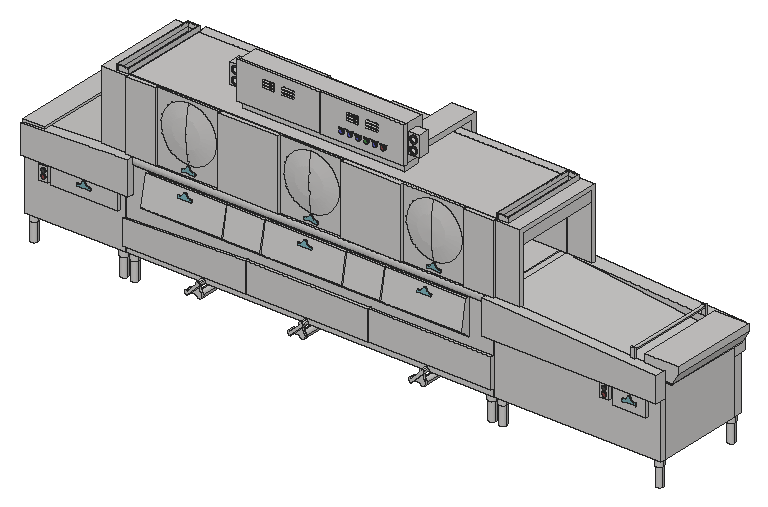
Revit family (continued)
Dimensions and locks (in)
  locked: plane 122 to plane 23 at 0.0625
  locked: plane 23 to plane 123 at 0.0625
  locked: plane 126 to plane 23 at 1.4375
  locked: plane 23 to plane 125 at 1.4375
  locked: plane 124 to plane 120 at 0.25
  locked: plane 35 to plane 127 at 0.25
  locked: plane 37 to plane 128 at 14
  locked: plane 128 to plane 129 at 29
  locked: plane 130 to plane 128 at 0.25
  locked: plane 131 to plane 104 "Building Hot Water" at 6
  locked: plane 118 to plane 131 at 6
  aligned and locked: level to plane 2
  aligned and locked: plane 12 "Bottom of Machine" to Extrusion 1 sketch curve
  aligned and locked: plane 3 "LEFT" to Extrusion 1 sketch curve
  aligned and locked: plane 14 "Left of Bottom" to Extrusion 1 sketch curve
  aligned and locked: Extrusion 1 sketch curve to plane 15 "Right of Bottom"
  aligned and locked: Extrusion 1 sketch curve to plane 4 "RIGHT"
  aligned and locked: Extrusion 1 to plane 21 "Back of Main Body"
  aligned and locked: Extrusion 1 sketch curve to plane 16
  aligned and locked: Extrusion 2 sketch curve to plane 13 "Middle of Machine"
  aligned and locked: plane 16 to Extrusion 2 sketch curve
  aligned and locked: plane 21 "Back of Main Body" to Extrusion 2 sketch curve
  aligned and locked: Extrusion 2 to plane 14 "Left of Bottom"
  aligned and locked: plane 3 "LEFT" to Extrusion 3 sketch curve
  aligned and locked: Extrusion 3 sketch curve to plane 22 "Front of Main Body"
  aligned and locked: plane 30 "Front of Inside" to Extrusion 3 sketch curve
  aligned and locked: Extrusion 3 to plane 13 "Middle of Machine"
  aligned and locked: plane 30 "Front of Inside" to Extrusion 4 sketch curve
  aligned and locked: Extrusion 4 sketch curve to plane 26
  aligned and locked: Extrusion 4 sketch curve to plane 22 "Front of Main Body"
  aligned and locked: Extrusion 4 to plane 13 "Middle of Machine"
  aligned and locked: plane 30 "Front of Inside" to Extrusion 5 sketch curve
  aligned and locked: Extrusion 5 sketch curve to plane 22 "Front of Main Body"
  aligned and locked: Extrusion 5 sketch curve to plane 28
  aligned and locked: plane 27 to Extrusion 5 sketch curve
  aligned and locked: Extrusion 6 sketch curve to plane 4 "RIGHT"
  aligned and locked: plane 29 to Extrusion 6 sketch curve
  aligned and locked: plane 30 "Front of Inside" to Extrusion 6 sketch curve
  aligned and locked: Extrusion 6 sketch curve to plane 22 "Front of Main Body"
  aligned and locked: Extrusion 5 to plane 13 "Middle of Machine"
  aligned and locked: Extrusion 6 to plane 13 "Middle of Machine"
  aligned and locked: plane 3 "LEFT" to Extrusion 7 sketch curve
  aligned and locked: Extrusion 7 sketch curve to plane 32
  aligned and locked: plane 21 "Back of Main Body" to Extrusion 7 sketch curve
  aligned and locked: Extrusion 7 sketch curve to plane 31 "Back of Inside"
  aligned and locked: Extrusion 8 sketch curve to plane 4 "RIGHT"
  aligned and locked: plane 21 "Back of Main Body" to Extrusion 8 sketch curve
  aligned and locked: Extrusion 8 sketch curve to plane 31 "Back of Inside"
  aligned and locked: plane 33 to Extrusion 8 sketch curve
  aligned and locked: Extrusion 7 to plane 13 "Middle of Machine"
  aligned and locked: Extrusion 8 to plane 13 "Middle of Machine"
  aligned and locked: plane 30 "Front of Inside" to Extrusion 9 sketch curve
  aligned and locked: plane 26 to Extrusion 9 sketch curve
  aligned and locked: Extrusion 9 sketch curve to plane 27
  aligned and locked: plane 30 "Front of Inside" to Extrusion 10 sketch curve
  aligned and locked: plane 28 to Extrusion 10 sketch curve
  aligned and locked: Extrusion 10 sketch curve to plane 29
  aligned and locked: Extrusion 9 to plane 13 "Middle of Machine"
  aligned and locked: Extrusion 10 to plane 13 "Middle of Machine"
  aligned and locked: plane 32 to Extrusion 11 sketch curve
  aligned and locked: Extrusion 11 sketch curve to plane 33
  aligned and locked: Extrusion 11 sketch curve to plane 31 "Back of Inside"
  aligned and locked: Extrusion 11 to plane 13 "Middle of Machine"
  aligned and locked: Extrusion 16 to plane 38
  aligned and locked: plane 39 to Extrusion 16
  aligned and locked: Extrusion 17 to plane 36
  aligned and locked: plane 37 to Extrusion 17
  aligned and locked: Extrusion 18 to plane 40
  aligned and locked: plane 3 "LEFT" to Extrusion 20 sketch curve
  aligned and locked: plane 20 to Extrusion 20 sketch curve
  aligned and locked: Extrusion 20 sketch curve to plane 41
  aligned and locked: Extrusion 21 sketch curve to plane 43
  aligned and locked: Extrusion 21 sketch curve to plane 19
  aligned and locked: plane 42 to Extrusion 21 sketch curve
  aligned and locked: plane 20 to Extrusion 21 sketch curve
  aligned and locked: Extrusion 22 sketch curve to plane 4 "RIGHT"
  aligned and locked: Extrusion 22 sketch curve to plane 19
  aligned and locked: plane 20 to Extrusion 22 sketch curve
  aligned and locked: plane 44 to Extrusion 22 sketch curve
  aligned and locked: plane 31 "Back of Inside" to Extrusion 23 sketch curve
  aligned and locked: plane 3 "LEFT" to Extrusion 23 sketch curve
  aligned and locked: Extrusion 23 sketch curve to plane 30 "Front of Inside"
  aligned and locked: Extrusion 23 sketch curve to plane 4 "RIGHT"
  aligned and locked: Extrusion 23 to plane 45
  aligned and locked: plane 13 "Middle of Machine" to Extrusion 24 sketch curve  (x2)
  aligned and locked: Extrusion 24 sketch curve to plane 10 "Top of Machine"
  aligned and locked: Extrusion 24 to plane 8 "Load Vent"
  aligned and locked: plane 48 to Extrusion 25 sketch curve
  aligned and locked: Extrusion 25 sketch curve to plane 47
  aligned and locked: plane 46 to Extrusion 25
  aligned and locked: Extrusion 26 sketch curve to Extrusion 24
  aligned and locked: Extrusion 26 sketch curve to plane 45
  aligned and locked: Extrusion 27 sketch curve to Extrusion 25
  aligned and locked: Extrusion 25 to Extrusion 27 sketch curve
  aligned and locked: Extrusion 28 to Extrusion 30 sketch curve
  aligned and locked: plane 9 "Unload Vent" to Extrusion 28
  aligned and locked: plane 49 to Extrusion 29 sketch curve
  aligned and locked: Extrusion 29 sketch curve to plane 50
  aligned and locked: plane 46 to Extrusion 29
  aligned and locked: plane 45 to Extrusion 30 sketch curve
  aligned and locked: Extrusion 29 to Extrusion 31 sketch curve
  aligned and locked: Extrusion 31 sketch curve to Extrusion 29
  aligned and locked: plane 15 "Right of Bottom" to Extrusion 2
  aligned and locked: plane 51 to Extrusion 40 sketch curve
  aligned and locked: Extrusion 40 sketch curve to plane 14 "Left of Bottom"
  aligned and locked: plane 51 to Extrusion 41 sketch curve
  aligned and locked: Extrusion 41 sketch curve to plane 14 "Left of Bottom"
  aligned and locked: Extrusion 42 sketch curve to plane 52
  aligned and locked: plane 11 "Table Height" to Extrusion 42 sketch curve
  aligned and locked: plane 51 to Extrusion 42 sketch curve
  aligned and locked: plane 30 "Front of Inside" to Extrusion 42
  aligned and locked: Extrusion 43 sketch curve to plane 53
  aligned and locked: plane 51 to Extrusion 43 sketch curve
  aligned and locked: Extrusion 44 sketch curve to plane 53
  aligned and locked: plane 51 to Extrusion 44 sketch curve
  aligned and locked: plane 51 to Extrusion 45 sketch curve
  aligned and locked: Extrusion 45 sketch curve to plane 14 "Left of Bottom"
  aligned and locked: Extrusion 45 sketch curve to plane 13 "Middle of Machine"
  aligned and locked: Extrusion 45 sketch curve to plane 12 "Bottom of Machine"
  aligned and locked: plane 3 "LEFT" to Extrusion 45 sketch curve
  aligned and locked: plane 51 to Extrusion 46 sketch curve
  aligned and locked: plane 54 to Extrusion 46 sketch curve
  aligned and locked: plane 51 to Extrusion 47 sketch curve
  aligned and locked: plane 12 "Bottom of Machine" to Extrusion 47 sketch curve
  aligned and locked: Extrusion 47 sketch curve to plane 3 "LEFT"
  aligned and locked: plane 22 "Front of Main Body" to Extrusion 47
  aligned and locked: plane 30 "Front of Inside" to Extrusion 45
  aligned and locked: plane 51 to Extrusion 48 sketch curve
  aligned and locked: plane 12 "Bottom of Machine" to Extrusion 48 sketch curve
  aligned and locked: Extrusion 48 sketch curve to plane 3 "LEFT"
  aligned and locked: Extrusion 48 to plane 21 "Back of Main Body"
  aligned and locked: plane 55 to Extrusion 40 sketch curve
  aligned and locked: plane 55 to Extrusion 41 sketch curve
  aligned and locked: Extrusion 47 sketch curve to plane 55
  aligned and locked: Extrusion 48 sketch curve to plane 55
  aligned and locked: Extrusion 49 to plane 22 "Front of Main Body"
  aligned and locked: plane 61 to Extrusion 51 sketch curve
  aligned and locked: Extrusion 51 sketch curve to plane 60
  aligned and locked: Extrusion 49 to plane 58
  aligned and locked: plane 59 to Extrusion 49
  aligned and locked: plane 13 "Middle of Machine" to Extrusion 58 sketch curve
  aligned and locked: Extrusion 58 sketch curve to plane 15 "Right of Bottom"
  aligned and locked: Extrusion 58 sketch curve to plane 55
  aligned and locked: plane 4 "RIGHT" to Extrusion 58 sketch curve
  aligned and locked: plane 12 "Bottom of Machine" to Extrusion 58 sketch curve
  aligned and locked: plane 62 to Extrusion 58 sketch curve
  aligned and locked: plane 62 to Extrusion 57 sketch curve
  aligned and locked: Extrusion 57 sketch curve to plane 63
  aligned and locked: Extrusion 56 sketch curve to plane 64
  aligned and locked: plane 62 to Extrusion 56 sketch curve
  aligned and locked: Extrusion 56 sketch curve to plane 11 "Table Height"
  aligned and locked: Extrusion 54 sketch curve to plane 15 "Right of Bottom"
  aligned and locked: Extrusion 54 sketch curve to plane 55
  aligned and locked: plane 62 to Extrusion 54 sketch curve
  aligned and locked: Extrusion 55 sketch curve to plane 15 "Right of Bottom"
  aligned and locked: Extrusion 55 sketch curve to plane 55
  aligned and locked: plane 62 to Extrusion 55 sketch curve
  aligned and locked: Extrusion 59 sketch curve to plane 4 "RIGHT"
  aligned and locked: plane 55 to Extrusion 59 sketch curve
  aligned and locked: Extrusion 59 sketch curve to plane 12 "Bottom of Machine"
  aligned and locked: plane 62 to Extrusion 59 sketch curve
  aligned and locked: Extrusion 60 sketch curve to plane 4 "RIGHT"
  aligned and locked: plane 55 to Extrusion 60 sketch curve
  aligned and locked: plane 62 to Extrusion 60 sketch curve
  aligned and locked: Extrusion 60 sketch curve to plane 12 "Bottom of Machine"
  aligned and locked: plane 13 "Middle of Machine" to Extrusion 61 sketch curve
  aligned and locked: Extrusion 61 sketch curve to plane 66
  aligned and locked: Extrusion 61 sketch curve to plane 65
  aligned and locked: plane 30 "Front of Inside" to Extrusion 61
  aligned and locked: plane 30 "Front of Inside" to Extrusion 64
  aligned and locked: Extrusion 65 sketch curve to plane 56
  aligned and locked: plane 57 to Extrusion 65 sketch curve
  aligned and locked: plane 69 to Extrusion 65 sketch curve
  aligned and locked: Extrusion 65 sketch curve to plane 68
  aligned and locked: plane 71 to Extrusion 67 sketch curve
  aligned and locked: Extrusion 67 sketch curve to plane 70
  aligned and locked: Extrusion 67 sketch curve to plane 56
  aligned and locked: Extrusion 71 to Extrusion 70
  aligned and locked: plane 12 "Bottom of Machine" to Extrusion 71
  aligned and locked: Extrusion 73 to Extrusion 72
  aligned and locked: Extrusion 75 to Extrusion 74
  aligned and locked: Extrusion 77 to Extrusion 76
  aligned and locked: Extrusion 78 to Extrusion 79
  aligned and locked: Extrusion 80 to Extrusion 81
  aligned and locked: Extrusion 83 to Extrusion 82
  aligned and locked: Extrusion 85 to Extrusion 84
  aligned and locked: Extrusion 86 to Extrusion 87
  aligned and locked: Extrusion 88 to Extrusion 89
  aligned and locked: Extrusion 91 to Extrusion 90
  aligned and locked: Extrusion 93 to Extrusion 92
  aligned and locked: plane 73 to Extrusion 94 sketch curve
  aligned and locked: Extrusion 94 sketch curve to plane 72
  aligned and locked: Extrusion 94 sketch curve to plane 75
  aligned and locked: plane 74 to Extrusion 94 sketch curve
  aligned and locked: plane 87 "Back of Elec Box" to Extrusion 95 sketch curve
  aligned and locked: Extrusion 95 sketch curve to plane 88
  aligned and locked: plane 92 to Extrusion 95 sketch curve
  aligned and locked: Extrusion 95 sketch curve to plane 93 "Right of Control Box"
  aligned and locked: Extrusion 95 to plane 76
  aligned and locked: plane 91 to Extrusion 95
  aligned and locked: plane 83 to Extrusion 96 sketch curve
  aligned and locked: Extrusion 96 sketch curve to plane 89 "Front of Panel"
  aligned and locked: Extrusion 96 sketch curve to plane 81
  aligned and locked: plane 82 to Extrusion 97 sketch curve
  aligned and locked: Extrusion 97 sketch curve to plane 89 "Front of Panel"
  aligned and locked: plane 88 to Extrusion 97 sketch curve
  aligned and locked: Extrusion 97 sketch curve to plane 84
  aligned and locked: Extrusion 97 to plane 90
  aligned and locked: Extrusion 96 to plane 90
  aligned and locked: plane 79 to Extrusion 96
  aligned and locked: plane 79 to Extrusion 97
  aligned and locked: plane 95 to Extrusion 98 sketch curve
  aligned and locked: Extrusion 98 sketch curve to plane 92
  aligned and locked: Extrusion 98 sketch curve to plane 94 "Front of LR Panels"
  aligned and locked: plane 86 to Extrusion 98 sketch curve
  aligned and locked: plane 93 "Right of Control Box" to Extrusion 99 sketch curve
  aligned and locked: Extrusion 99 sketch curve to plane 94 "Front of LR Panels"
  aligned and locked: Extrusion 99 sketch curve to plane 85
  aligned and locked: plane 95 to Extrusion 99 sketch curve
  aligned and locked: plane 78 to Extrusion 98
  aligned and locked: plane 78 to Extrusion 99
  aligned and locked: Extrusion 98 to plane 77
  aligned and locked: Extrusion 99 to plane 77
  aligned and locked: Extrusion 101 sketch curve to Extrusion 100  (x2)
  aligned and locked: Extrusion 109 sketch curve to Extrusion 108  (x2)
  aligned and locked: Extrusion 111 sketch curve to Extrusion 110  (x2)
  aligned and locked: Extrusion 113 sketch curve to Extrusion 112  (x2)
  aligned and locked: Extrusion 128 to plane 97 "Left Drain"
  aligned and locked: plane 98 "Right Drain" to Extrusion 128
  aligned and locked: Extrusion 129 sketch curve to Extrusion 128  (x2)
  aligned and locked: Extrusion 130 sketch curve to Extrusion 128  (x2)
  aligned and locked: plane 50 to nested 1
  aligned and locked: plane 31 "Back of Inside" to nested 1
  aligned and locked: Extrusion 144 sketch curve to Extrusion 143  (x2)
  aligned and locked: Extrusion 152 sketch curve to Extrusion 151  (x2)
  aligned and locked: Extrusion 154 sketch curve to Extrusion 153  (x2)
  aligned and locked: Extrusion 156 sketch curve to Extrusion 155  (x2)
  aligned and locked: plane 105 to Extrusion 180 sketch curve
  aligned and locked: Extrusion 180 sketch curve to plane 106
  aligned and locked: Extrusion 180 sketch curve to plane 22 "Front of Main Body"
  aligned and locked: plane 107 to Extrusion 181 sketch curve
  aligned and locked: Extrusion 181 sketch curve to plane 108
  aligned and locked: Extrusion 181 sketch curve to plane 22 "Front of Main Body"
  aligned and locked: plane 111 to Extrusion 182 sketch curve
  aligned and locked: Extrusion 182 sketch curve to plane 112
  aligned and locked: Extrusion 182 sketch curve to plane 22 "Front of Main Body"
  aligned and locked: plane 113 to Extrusion 183 sketch curve
  aligned and locked: Extrusion 183 sketch curve to plane 114
  aligned and locked: Extrusion 183 sketch curve to plane 22 "Front of Main Body"
  aligned and locked: Extrusion 180 to plane 13 "Middle of Machine"
  aligned and locked: Extrusion 181 to plane 13 "Middle of Machine"
  aligned and locked: Extrusion 182 to plane 13 "Middle of Machine"
  aligned and locked: Extrusion 183 to plane 13 "Middle of Machine"
  aligned and locked: curve 81 to plane 26
  aligned and locked: curve 89 to plane 27
  aligned and locked: plane 28 to curve 97
  aligned and locked: plane 29 to curve 99
  aligned and locked: plane 26 to Extrusion 196 sketch curve
  aligned and locked: Extrusion 196 sketch curve to plane 27
  aligned and locked: Extrusion 196 sketch curve to plane 22 "Front of Main Body"
  aligned and locked: Extrusion 197 sketch curve to plane 22 "Front of Main Body"
  aligned and locked: plane 28 to Extrusion 197 sketch curve
  aligned and locked: Extrusion 197 sketch curve to plane 29
  aligned and locked: plane 119 to Extrusion 200 sketch curve
  aligned and locked: Extrusion 200 sketch curve to plane 120
  aligned and locked: plane 121 to Extrusion 203 sketch curve
  aligned and locked: Extrusion 203 sketch curve to plane 122
  aligned and locked: plane 123 to Extrusion 204 sketch curve
  aligned and locked: Extrusion 204 sketch curve to plane 124
  aligned and locked: curve 133 to plane 119
  aligned and locked: curve 141 to plane 120
  aligned and locked: plane 119 to Extrusion 211 sketch curve
  aligned and locked: Extrusion 211 sketch curve to plane 120
  aligned and locked: Extrusion 3 sketch curve to plane 119
  aligned and locked: plane 120 to Extrusion 4 sketch curve
  aligned and locked: plane 35 to Extrusion 15
  aligned and locked: Extrusion 16 to plane 127
  aligned and locked: plane 129 to Extrusion 19
  aligned and locked: Extrusion 19 to plane 128
  aligned and locked: plane 130 to Extrusion 18
  aligned and locked: plane 128 to curve 37
  aligned and locked: curve 38 to plane 130
  aligned and locked: curve 35 to plane 129
Automatic sketch dimensions
  Extrusion 15 sketch curve to Extrusion 15 sketch curve = 0' - 1"
  Extrusion 16 sketch curve to Extrusion 16 sketch curve = 0' - 1"
  Extrusion 17 sketch curve to Extrusion 17 sketch curve = 0' - 1"
  Extrusion 18 sketch curve to Extrusion 18 sketch curve = 0' - 1"
  Extrusion 19 sketch curve to Extrusion 19 sketch curve = 0' - 1"
  Extrusion 15 sketch curve to Extrusion 15 sketch curve = 0' - 2"
  Extrusion 15 sketch curve to Extrusion 15 sketch curve = 0' - 2 5/16"
  Extrusion 15 sketch curve to Extrusion 15 sketch curve = 0' - 10 1/4"
  Extrusion 16 sketch curve to Extrusion 16 sketch curve = 0' - 2"
  Extrusion 16 sketch curve to Extrusion 16 sketch curve = 0' - 2 5/16"
  Extrusion 16 sketch curve to Extrusion 16 sketch curve = 0' - 10 1/4"
  Extrusion 17 sketch curve to Extrusion 17 sketch curve = 0' - 2"
  Extrusion 17 sketch curve to Extrusion 17 sketch curve = 0' - 2 5/16"
  Extrusion 17 sketch curve to Extrusion 17 sketch curve = 0' - 10 1/4"
  Extrusion 18 sketch curve to Extrusion 18 sketch curve = 0' - 2"
  Extrusion 18 sketch curve to Extrusion 18 sketch curve = 0' - 2 5/16"
  Extrusion 18 sketch curve to Extrusion 18 sketch curve = 0' - 10 1/4"
  Extrusion 19 sketch curve to Extrusion 19 sketch curve = 0' - 2"
  Extrusion 19 sketch curve to Extrusion 19 sketch curve = 0' - 2 5/16"
  Extrusion 19 sketch curve to Extrusion 19 sketch curve = 0' - 10 1/4"
  Extrusion 34 sketch curve to Extrusion 34 sketch curve = 0' - 1"
  Extrusion 35 sketch curve to Extrusion 35 sketch curve = 0' - 1"
  Extrusion 36 sketch curve to Extrusion 36 sketch curve = 0' - 1"
  Extrusion 37 sketch curve to Extrusion 37 sketch curve = 0' - 1"
  Extrusion 38 sketch curve to Extrusion 38 sketch curve = 0' - 1"
  Extrusion 34 sketch curve to Extrusion 34 sketch curve = 0' - 2"
  Extrusion 34 sketch curve to Extrusion 34 sketch curve = 0' - 2 5/16"
  Extrusion 34 sketch curve to Extrusion 34 sketch curve = 0' - 10 1/4"
  Extrusion 35 sketch curve to Extrusion 35 sketch curve = 0' - 2"
  Extrusion 35 sketch curve to Extrusion 35 sketch curve = 0' - 2 5/16"
  Extrusion 35 sketch curve to Extrusion 35 sketch curve = 0' - 10 1/4"
  Extrusion 36 sketch curve to Extrusion 36 sketch curve = 0' - 2"
  Extrusion 36 sketch curve to Extrusion 36 sketch curve = 0' - 2 5/16"
  Extrusion 36 sketch curve to Extrusion 36 sketch curve = 0' - 10 1/4"
  Extrusion 37 sketch curve to Extrusion 37 sketch curve = 0' - 2"
  Extrusion 37 sketch curve to Extrusion 37 sketch curve = 0' - 2 5/16"
  Extrusion 37 sketch curve to Extrusion 37 sketch curve = 0' - 10 1/4"
  Extrusion 38 sketch curve to Extrusion 38 sketch curve = 0' - 2"
  Extrusion 38 sketch curve to Extrusion 38 sketch curve = 0' - 2 5/16"
  Extrusion 38 sketch curve to Extrusion 38 sketch curve = 0' - 10 1/4"
  Extrusion 100 sketch curve to Extrusion 100 sketch curve = 0' - 0"  (x4)
  Extrusion 102 sketch curve to Extrusion 102 sketch curve = 0' - 1"  (x5)
  Extrusion 102 sketch curve to Extrusion 102 sketch curve = 0' - 2"  (x6)
  Extrusion 102 sketch curve to Extrusion 102 sketch curve = 0' - 0"  (x5)
  Extrusion 102 sketch curve to Extrusion 102 sketch curve = 0' - 0 1/4"  (x6)
  Extrusion 107 sketch curve to Extrusion 107 sketch curve = 0' - 1 1/2"  (x5)
  Extrusion 107 sketch curve to Extrusion 107 sketch curve = 0' - 0 3/4"  (x6)
  Extrusion 107 sketch curve to Extrusion 107 sketch curve = 0' - 0 7/8"  (x6)
  Extrusion 108 sketch curve to Extrusion 108 sketch curve = 0' - 0"  (x4)
  Extrusion 110 sketch curve to Extrusion 110 sketch curve = 0' - 0"  (x4)
  Extrusion 112 sketch curve to Extrusion 112 sketch curve = 0' - 0"  (x4)
  Extrusion 116 sketch curve to Extrusion 116 sketch curve = 0' - 0 5/8"
  Extrusion 117 sketch curve to Extrusion 117 sketch curve = 0' - 0 5/8"
  Extrusion 118 sketch curve to Extrusion 118 sketch curve = 0' - 0 5/8"
  Extrusion 119 sketch curve to Extrusion 119 sketch curve = 0' - 0 5/8"
  Extrusion 120 sketch curve to Extrusion 120 sketch curve = 0' - 0 5/8"
  Extrusion 121 sketch curve to Extrusion 121 sketch curve = 0' - 0 5/8"
  Extrusion 122 sketch curve to Extrusion 122 sketch curve = 0' - 0 5/8"
  Extrusion 123 sketch curve to Extrusion 123 sketch curve = 0' - 0 5/8"
  Extrusion 124 sketch curve to Extrusion 124 sketch curve = 0' - 0 5/8"
  Extrusion 125 sketch curve to Extrusion 125 sketch curve = 0' - 0 5/8"
  Extrusion 126 sketch curve to Extrusion 126 sketch curve = 0' - 0 5/8"
  Extrusion 127 sketch curve to Extrusion 127 sketch curve = 0' - 0 5/8"
  Extrusion 134 sketch curve to Extrusion 134 sketch curve = 0' - 0"  (x4)
  Extrusion 135 sketch curve to Extrusion 135 sketch curve = 0' - 0"  (x4)
  Extrusion 136 sketch curve to Extrusion 136 sketch curve = 0' - 1 5/8"  (x2)
  Extrusion 136 sketch curve to Extrusion 136 sketch curve = 0' - 1 1/8"
  Extrusion 137 sketch curve to Extrusion 137 sketch curve = 0' - 0 1/2"  (x7)
  Extrusion 137 sketch curve to Extrusion 137 sketch curve = 0' - 0 1/4"  (x4)
  Extrusion 137 sketch curve to Extrusion 137 sketch curve = 0' - 4 1/2"
  Extrusion 138 sketch curve to Extrusion 138 sketch curve = 0' - 1 5/8"  (x2)
  Extrusion 138 sketch curve to Extrusion 138 sketch curve = 0' - 1 1/8"
  Extrusion 139 sketch curve to Extrusion 139 sketch curve = 0' - 0"  (x4)
  Extrusion 140 sketch curve to Extrusion 140 sketch curve = 0' - 0 1/2"  (x7)
  Extrusion 140 sketch curve to Extrusion 140 sketch curve = 0' - 0 1/4"  (x4)
  Extrusion 140 sketch curve to Extrusion 140 sketch curve = 0' - 4 1/2"
  Extrusion 141 sketch curve to Extrusion 141 sketch curve = 0' - 1 5/8"  (x2)
  Extrusion 141 sketch curve to Extrusion 141 sketch curve = 0' - 1 1/8"
  Extrusion 142 sketch curve to Extrusion 142 sketch curve = 0' - 0 1/2"  (x9)
  Extrusion 142 sketch curve to Extrusion 142 sketch curve = 0' - 0 1/4"  (x2)
  Extrusion 142 sketch curve to Extrusion 142 sketch curve = 0' - 4 1/2"
  Extrusion 107 sketch curve to Extrusion 107 sketch curve = 0' - 0"  (x5)
  Extrusion 116 sketch curve to Extrusion 116 sketch curve = 0' - 2 3/4"
  Extrusion 117 sketch curve to Extrusion 117 sketch curve = 0' - 2 3/4"
  Extrusion 118 sketch curve to Extrusion 118 sketch curve = 0' - 2 3/4"
  Extrusion 119 sketch curve to Extrusion 119 sketch curve = 0' - 2 3/4"
  Extrusion 120 sketch curve to Extrusion 120 sketch curve = 0' - 2 3/4"
  Extrusion 121 sketch curve to Extrusion 121 sketch curve = 0' - 2 3/4"
  Extrusion 122 sketch curve to Extrusion 122 sketch curve = 0' - 2 3/4"
  Extrusion 123 sketch curve to Extrusion 123 sketch curve = 0' - 2 3/4"
  Extrusion 124 sketch curve to Extrusion 124 sketch curve = 0' - 2 3/4"
  Extrusion 125 sketch curve to Extrusion 125 sketch curve = 0' - 2 3/4"
  Extrusion 126 sketch curve to Extrusion 126 sketch curve = 0' - 2 3/4"
  Extrusion 127 sketch curve to Extrusion 127 sketch curve = 0' - 2 3/4"
  Extrusion 143 sketch curve to Extrusion 143 sketch curve = 0' - 0"  (x4)
  Extrusion 145 sketch curve to Extrusion 145 sketch curve = 0' - 1"  (x5)
  Extrusion 145 sketch curve to Extrusion 145 sketch curve = 0' - 2"  (x6)
  Extrusion 145 sketch curve to Extrusion 145 sketch curve = 0' - 0"  (x5)
  Extrusion 145 sketch curve to Extrusion 145 sketch curve = 0' - 0 1/4"  (x6)
  Extrusion 150 sketch curve to Extrusion 150 sketch curve = 0' - 1 1/2"  (x5)
  Extrusion 150 sketch curve to Extrusion 150 sketch curve = 0' - 0 3/4"  (x6)
  Extrusion 150 sketch curve to Extrusion 150 sketch curve = 0' - 0 7/8"  (x6)
  Extrusion 151 sketch curve to Extrusion 151 sketch curve = 0' - 0"  (x4)
  Extrusion 153 sketch curve to Extrusion 153 sketch curve = 0' - 0"  (x4)
  Extrusion 155 sketch curve to Extrusion 155 sketch curve = 0' - 0"  (x4)
  Extrusion 159 sketch curve to Extrusion 159 sketch curve = 0' - 0 5/8"
  Extrusion 160 sketch curve to Extrusion 160 sketch curve = 0' - 0 5/8"
  Extrusion 161 sketch curve to Extrusion 161 sketch curve = 0' - 0 5/8"
  Extrusion 162 sketch curve to Extrusion 162 sketch curve = 0' - 0 5/8"
  Extrusion 163 sketch curve to Extrusion 163 sketch curve = 0' - 0 5/8"
  Extrusion 164 sketch curve to Extrusion 164 sketch curve = 0' - 0 5/8"
  Extrusion 165 sketch curve to Extrusion 165 sketch curve = 0' - 0 5/8"
  Extrusion 166 sketch curve to Extrusion 166 sketch curve = 0' - 0 5/8"
  Extrusion 167 sketch curve to Extrusion 167 sketch curve = 0' - 0 5/8"
  Extrusion 168 sketch curve to Extrusion 168 sketch curve = 0' - 0 5/8"
  Extrusion 169 sketch curve to Extrusion 169 sketch curve = 0' - 0 5/8"
  Extrusion 170 sketch curve to Extrusion 170 sketch curve = 0' - 0 5/8"
  Extrusion 150 sketch curve to Extrusion 150 sketch curve = 0' - 0"  (x5)
  Extrusion 159 sketch curve to Extrusion 159 sketch curve = 0' - 2 3/4"
  Extrusion 160 sketch curve to Extrusion 160 sketch curve = 0' - 2 3/4"
  Extrusion 161 sketch curve to Extrusion 161 sketch curve = 0' - 2 3/4"
  Extrusion 162 sketch curve to Extrusion 162 sketch curve = 0' - 2 3/4"
  Extrusion 163 sketch curve to Extrusion 163 sketch curve = 0' - 2 3/4"
  Extrusion 164 sketch curve to Extrusion 164 sketch curve = 0' - 2 3/4"
  Extrusion 165 sketch curve to Extrusion 165 sketch curve = 0' - 2 3/4"
  Extrusion 166 sketch curve to Extrusion 166 sketch curve = 0' - 2 3/4"
  Extrusion 167 sketch curve to Extrusion 167 sketch curve = 0' - 2 3/4"
  Extrusion 168 sketch curve to Extrusion 168 sketch curve = 0' - 2 3/4"
  Extrusion 169 sketch curve to Extrusion 169 sketch curve = 0' - 2 3/4"
  Extrusion 170 sketch curve to Extrusion 170 sketch curve = 0' - 2 3/4"
  Extrusion 136 sketch curve to Extrusion 136 sketch curve = 0' - 0.12054"
  Extrusion 138 sketch curve to Extrusion 138 sketch curve = 0' - 0.12054"
  Extrusion 141 sketch curve to Extrusion 141 sketch curve = 0' - 0.12054"
  Extrusion 171 sketch curve to Extrusion 171 sketch curve = 0' - 0"  (x4)
  Extrusion 172 sketch curve to Extrusion 172 sketch curve = 0' - 0"  (x4)
  Extrusion 173 sketch curve to Extrusion 173 sketch curve = 0' - 1 5/8"  (x2)
  Extrusion 173 sketch curve to Extrusion 173 sketch curve = 0' - 1 1/8"
  Extrusion 174 sketch curve to Extrusion 174 sketch curve = 0' - 0 1/2"  (x7)
  Extrusion 174 sketch curve to Extrusion 174 sketch curve = 0' - 0 1/4"  (x4)
  Extrusion 174 sketch curve to Extrusion 174 sketch curve = 0' - 4 1/2"
  Extrusion 175 sketch curve to Extrusion 175 sketch curve = 0' - 1 5/8"  (x2)
  Extrusion 175 sketch curve to Extrusion 175 sketch curve = 0' - 1 1/8"
  Extrusion 176 sketch curve to Extrusion 176 sketch curve = 0' - 0"  (x4)
  Extrusion 177 sketch curve to Extrusion 177 sketch curve = 0' - 0 1/2"  (x7)
  Extrusion 177 sketch curve to Extrusion 177 sketch curve = 0' - 0 1/4"  (x4)
  Extrusion 177 sketch curve to Extrusion 177 sketch curve = 0' - 4 1/2"
  Extrusion 178 sketch curve to Extrusion 178 sketch curve = 0' - 1 5/8"  (x2)
  Extrusion 178 sketch curve to Extrusion 178 sketch curve = 0' - 1 1/8"
  Extrusion 179 sketch curve to Extrusion 179 sketch curve = 0' - 0 1/2"  (x9)
  Extrusion 179 sketch curve to Extrusion 179 sketch curve = 0' - 0 1/4"  (x2)
  Extrusion 179 sketch curve to Extrusion 179 sketch curve = 0' - 4 1/2"
  Extrusion 173 sketch curve to Extrusion 173 sketch curve = 0' - 0.12054"
  Extrusion 175 sketch curve to Extrusion 175 sketch curve = 0' - 0.12054"
  Extrusion 178 sketch curve to Extrusion 178 sketch curve = 0' - 0.12054"
  Extrusion 33 sketch curve to Extrusion 33 sketch curve = 0' - 0.25142"  (x5)
  Extrusion 33 sketch curve to Extrusion 33 sketch curve = 0' - 0.25483"  (x4)
  Extrusion 33 sketch curve to Extrusion 33 sketch curve = 0' - 0.30345"  (x3)
  Extrusion 33 sketch curve to Extrusion 33 sketch curve = 0' - 1.63184"  (x6)
  Extrusion 33 sketch curve to Extrusion 33 sketch curve = 0' - 1.52338"  (x3)
  Extrusion 33 sketch curve to Extrusion 33 sketch curve = 0' - 0.41934"  (x3)
  Extrusion 33 sketch curve to Extrusion 33 sketch curve = 0' - 0.42496"  (x3)
  Extrusion 33 sketch curve to Extrusion 33 sketch curve = 0' - 0"  (x8)
  Extrusion 33 sketch curve to Extrusion 33 sketch curve = 0' - 1.22253"  (x3)
  Extrusion 33 sketch curve to Extrusion 33 sketch curve = 0' - 1.51845"  (x3)
  Extrusion 33 sketch curve to Extrusion 33 sketch curve = 0' - 0.00341"  (x3)
  Extrusion 33 sketch curve to Extrusion 33 sketch curve = 3' - 2.01495"
  Extrusion 33 sketch curve to Extrusion 33 sketch curve = 0' - 0.61126"  (x3)
  Extrusion 33 sketch curve to Extrusion 33 sketch curve = 3' - 1.99333"
  Extrusion 33 sketch curve to Extrusion 33 sketch curve = 0' - 11.90119"  (x3)
  Extrusion 33 sketch curve to Extrusion 33 sketch curve = 0' - 0.08323"  (x3)
  Extrusion 33 sketch curve to Extrusion 33 sketch curve = 0' - 0.48493"  (x6)
  Extrusion 33 sketch curve to Extrusion 33 sketch curve = 0' - 1.96861"  (x3)
  Extrusion 39 sketch curve to Extrusion 39 sketch curve = 0' - 0.25142"  (x5)
  Extrusion 39 sketch curve to Extrusion 39 sketch curve = 0' - 0.25483"  (x4)
  Extrusion 39 sketch curve to Extrusion 39 sketch curve = 0' - 0.30345"  (x3)
  Extrusion 39 sketch curve to Extrusion 39 sketch curve = 0' - 1.63184"  (x6)
  Extrusion 39 sketch curve to Extrusion 39 sketch curve = 0' - 1.52338"  (x3)
  Extrusion 39 sketch curve to Extrusion 39 sketch curve = 0' - 0.41934"  (x3)
  Extrusion 39 sketch curve to Extrusion 39 sketch curve = 0' - 0.42496"  (x3)
  Extrusion 39 sketch curve to Extrusion 39 sketch curve = 0' - 0"  (x8)
  Extrusion 39 sketch curve to Extrusion 39 sketch curve = 0' - 1.22253"  (x3)
  Extrusion 39 sketch curve to Extrusion 39 sketch curve = 0' - 1.51845"  (x3)
  Extrusion 39 sketch curve to Extrusion 39 sketch curve = 0' - 0.00341"  (x3)
  Extrusion 39 sketch curve to Extrusion 39 sketch curve = 3' - 2.01495"
  Extrusion 39 sketch curve to Extrusion 39 sketch curve = 0' - 0.61126"  (x3)
  Extrusion 39 sketch curve to Extrusion 39 sketch curve = 3' - 1.99333"
  Extrusion 39 sketch curve to Extrusion 39 sketch curve = 0' - 11.90119"  (x3)
  Extrusion 39 sketch curve to Extrusion 39 sketch curve = 0' - 0.08323"  (x3)
  Extrusion 39 sketch curve to Extrusion 39 sketch curve = 0' - 0.48493"  (x6)
  Extrusion 39 sketch curve to Extrusion 39 sketch curve = 0' - 1.96861"  (x3)
  Extrusion 1 sketch curve to plane 55 = 0' - 0"  (x2)
  Extrusion 2 sketch curve to plane 22 "Front of Main Body" = 0' - 0"  (x2)
  plane 30 "Front of Inside" to Extrusion 2 sketch curve = 0' - 0.18875"
  Extrusion 9 sketch curve to plane 22 "Front of Main Body" = 0' - 0 3/4"
  Extrusion 10 sketch curve to plane 22 "Front of Main Body" = 0' - 0 3/4"
  plane 21 "Back of Main Body" to Extrusion 11 sketch curve = 0' - 1"
  plane 5 "FRONT" to Revolve 12 sketch curve = 0' - 8"
  plane 22 "Front of Main Body" to Revolve 12 sketch curve = 0' - 0 1/4"
  Revolve 12 sketch curve to plane 22 "Front of Main Body" = 0' - 0 3/4"
  plane 95 to Revolve 12 sketch curve = 0' - 1 1/4"
  Revolve 12 sketch curve to plane 1 "BACK" = 0' - 8.74935"
  Revolve 12 sketch curve to plane 45 = 0' - 5.75174"  (x2)
  Revolve 12 sketch curve to plane 45 = 0' - 5.50167"
  plane 5 "FRONT" to Revolve 13 sketch curve = 0' - 8"
  plane 22 "Front of Main Body" to Revolve 13 sketch curve = 0' - 0 1/4"
  Revolve 13 sketch curve to plane 22 "Front of Main Body" = 0' - 0 3/4"
  plane 95 to Revolve 13 sketch curve = 0' - 1 1/4"
  Revolve 13 sketch curve to plane 1 "BACK" = 0' - 8.74935"
  Revolve 13 sketch curve to plane 45 = 0' - 5.75174"  (x2)
  Revolve 13 sketch curve to plane 45 = 0' - 5.50167"
  Revolve 14 sketch curve to plane 21 "Back of Main Body" = 0' - 0"
  Revolve 14 sketch curve to plane 1 "BACK" = 0' - 7 3/4"
  Revolve 14 sketch curve to Revolve 14 sketch curve = 0' - 1"
  Revolve 14 sketch curve to plane 102 "Utility to Machine" = 0' - 4"
  plane 5 "FRONT" to Revolve 14 sketch curve = 0' - 8.99935"
  Revolve 14 sketch curve to plane 10 "Top of Machine" = 0' - 1.00174"
  Revolve 14 sketch curve to Revolve 14 sketch curve = 0' - 9.74993"
  Revolve 14 sketch curve to plane 45 = 0' - 5.75174"
  Extrusion 20 sketch curve to plane 19 = 0' - 0"
  Extrusion 20 sketch curve to plane 57 = 0' - 1 5/8"
  Extrusion 24 sketch curve to plane 30 "Front of Inside" = 0' - 0"
  Extrusion 24 sketch curve to plane 31 "Back of Inside" = 0' - 0"
  Extrusion 24 sketch curve to plane 22 "Front of Main Body" = 0' - 0 3/4"
  Extrusion 24 sketch curve to Extrusion 24 sketch curve = 0' - 1"
  Extrusion 24 sketch curve to plane 10 "Top of Machine" = 0' - 1 3/8"
  Extrusion 25 sketch curve to plane 3 "LEFT" = 0' - 0"
  plane 30 "Front of Inside" to Extrusion 25 sketch curve = 0' - 0"
  plane 31 "Back of Inside" to Extrusion 25 sketch curve = 0' - 0"
  plane 30 "Front of Inside" to Extrusion 25 sketch curve = 0' - 0 1/8"
  Extrusion 25 sketch curve to plane 31 "Back of Inside" = 0' - 0 1/8"
  Extrusion 25 sketch curve to plane 48 = 0' - 0 1/8"
  Extrusion 26 sketch curve to plane 30 "Front of Inside" = 0' - 0"
  Extrusion 26 sketch curve to plane 31 "Back of Inside" = 0' - 0"
  plane 30 "Front of Inside" to Extrusion 27 sketch curve = 0' - 0"
  plane 31 "Back of Inside" to Extrusion 27 sketch curve = 0' - 0"
  Extrusion 28 sketch curve to plane 13 "Middle of Machine" = 0' - 0"  (x2)
  Extrusion 28 sketch curve to plane 10 "Top of Machine" = 0' - 0"
  Extrusion 28 sketch curve to plane 30 "Front of Inside" = 0' - 0"
  Extrusion 28 sketch curve to plane 31 "Back of Inside" = 0' - 0"
  Extrusion 28 sketch curve to plane 22 "Front of Main Body" = 0' - 0 3/4"
  Extrusion 28 sketch curve to plane 31 "Back of Inside" = 0' - 1"
  Extrusion 28 sketch curve to plane 10 "Top of Machine" = 0' - 1 3/8"
  Extrusion 29 sketch curve to plane 4 "RIGHT" = 0' - 0"
  plane 30 "Front of Inside" to Extrusion 29 sketch curve = 0' - 0"
  plane 31 "Back of Inside" to Extrusion 29 sketch curve = 0' - 0"
  Extrusion 29 sketch curve to plane 30 "Front of Inside" = 0' - 0 1/8"
  plane 31 "Back of Inside" to Extrusion 29 sketch curve = 0' - 0 1/8"
  Extrusion 29 sketch curve to plane 49 = 0' - 0 1/8"
  Extrusion 30 sketch curve to plane 30 "Front of Inside" = 0' - 0"
  Extrusion 30 sketch curve to plane 31 "Back of Inside" = 0' - 0"
  plane 30 "Front of Inside" to Extrusion 31 sketch curve = 0' - 0"
  plane 31 "Back of Inside" to Extrusion 31 sketch curve = 0' - 0"
  Extrusion 32 sketch curve to plane 24 = 0' - 0"
  plane 24 to Extrusion 32 sketch curve = 0' - 0.00035"
  plane 82 to Extrusion 32 sketch curve = 0' - 0.29469"
  Extrusion 32 sketch curve to plane 33 = 0' - 0.38874"
  plane 109 to Extrusion 32 sketch curve = 0' - 0.50556"
  plane 109 to Extrusion 32 sketch curve = 0' - 0.8056"
  Extrusion 32 sketch curve to Extrusion 32 sketch curve = 0' - 0.00341"  (x2)
  Extrusion 32 sketch curve to Extrusion 32 sketch curve = 0' - 0.25142"  (x2)
  Extrusion 32 sketch curve to plane 81 = 0' - 0.29961"
  Extrusion 32 sketch curve to Extrusion 32 sketch curve = 0' - 0"
  Extrusion 32 sketch curve to plane 81 = 0' - 0.48626"
  Extrusion 32 sketch curve to plane 110 = 0' - 0.50556"
  Extrusion 32 sketch curve to plane 110 = 0' - 0.8056"
  plane 55 to Extrusion 32 sketch curve = 0' - 1.17016"
  plane 13 "Middle of Machine" to Extrusion 32 sketch curve = 0' - 0.94635"  (x2)
  plane 13 "Middle of Machine" to Extrusion 32 sketch curve = 0' - 1.02958"
  Extrusion 32 sketch curve to Extrusion 32 sketch curve = 0' - 0.48493"  (x2)
  Extrusion 32 sketch curve to Extrusion 32 sketch curve = 0' - 1.96861"
  Extrusion 40 sketch curve to plane 13 "Middle of Machine" = 0' - 0"
  plane 16 to Extrusion 40 sketch curve = 0' - 0 5/8"
  Extrusion 41 sketch curve to plane 13 "Middle of Machine" = 0' - 0"
  plane 16 to Extrusion 41 sketch curve = 0' - 0 5/8"
  Extrusion 42 sketch curve to plane 11 "Table Height" = 0' - 0 1/8"
  Extrusion 43 sketch curve to plane 11 "Table Height" = 0' - 1 1/2"
  Extrusion 43 sketch curve to plane 11 "Table Height" = 0' - 0 1/8"
  Extrusion 44 sketch curve to plane 56 = 0' - 0"
  Extrusion 44 sketch curve to plane 11 "Table Height" = 0' - 2"
  Extrusion 45 sketch curve to plane 3 "LEFT" = 0' - 0"
  Extrusion 45 sketch curve to plane 55 = 0' - 0"
  Extrusion 45 sketch curve to plane 11 "Table Height" = 0' - 0"
  plane 16 to Extrusion 46 sketch curve = 0' - 0 5/8"
  plane 16 to Extrusion 46 sketch curve = 0' - 1.01335"
  Extrusion 46 sketch curve to Extrusion 46 sketch curve = 0' - 0.75088"
  Extrusion 46 sketch curve to plane 13 "Middle of Machine" = 0' - 0.73577"
  Extrusion 49 sketch curve to plane 57 = 0' - 0"
  Extrusion 49 sketch curve to plane 58 = 0' - 0"
  Extrusion 49 sketch curve to plane 59 = 0' - 0"
  Extrusion 49 sketch curve to plane 56 = 0' - 0"
  Extrusion 50 sketch curve to Extrusion 50 sketch curve = 0' - 0.25142"  (x2)
  Extrusion 50 sketch curve to Extrusion 50 sketch curve = 0' - 0.25483"  (x2)
  Extrusion 50 sketch curve to plane 56 = 0' - 0.46498"  (x2)
  Extrusion 50 sketch curve to Extrusion 50 sketch curve = 0' - 0.30345"
  plane 18 to Extrusion 50 sketch curve = 0' - 0.59419"  (x2)
  Extrusion 50 sketch curve to Extrusion 50 sketch curve = 0' - 1.63184"
  Extrusion 50 sketch curve to Extrusion 50 sketch curve = 0' - 1.52338"
  Extrusion 50 sketch curve to Extrusion 50 sketch curve = 0' - 0.41934"
  plane 20 to Extrusion 50 sketch curve = 0' - 1.60977"
  Extrusion 50 sketch curve to plane 101 "Cold Water" = 0' - 4.12535"
  Extrusion 50 sketch curve to Extrusion 50 sketch curve = 0' - 0.42496"
  Extrusion 50 sketch curve to Extrusion 50 sketch curve = 0' - 0"
  Extrusion 50 sketch curve to Extrusion 50 sketch curve = 0' - 1.51845"
  plane 18 to Extrusion 50 sketch curve = 0' - 0.51096"  (x2)
  Extrusion 50 sketch curve to Extrusion 50 sketch curve = 0' - 0.48493"
  Extrusion 51 sketch curve to plane 19 = 0' - 0"
  Extrusion 51 sketch curve to plane 56 = 0' - 0 3/4"
  plane 18 to Extrusion 52 sketch curve = 0' - 1 1/4"
  Extrusion 53 sketch curve to plane 18 = 0' - 0 3/4"
  Extrusion 54 sketch curve to plane 13 "Middle of Machine" = 0' - 0"
  plane 17 to Extrusion 54 sketch curve = 0' - 0 1/4"
  Extrusion 55 sketch curve to plane 13 "Middle of Machine" = 0' - 0"
  plane 17 to Extrusion 55 sketch curve = 0' - 0 1/4"
  plane 11 "Table Height" to Extrusion 56 sketch curve = 0' - 0 1/8"
  plane 11 "Table Height" to Extrusion 57 sketch curve = 0' - 1 1/2"
  plane 11 "Table Height" to Extrusion 57 sketch curve = 0' - 0 1/8"
  Extrusion 58 sketch curve to plane 4 "RIGHT" = 0' - 0"
  Extrusion 58 sketch curve to plane 11 "Table Height" = 0' - 0"
  Extrusion 61 sketch curve to plane 16 = 0' - 0"
  plane 64 to Extrusion 61 sketch curve = 0' - 0 1/2"
  plane 11 "Table Height" to Extrusion 61 sketch curve = 0' - 0 1/2"
  Extrusion 62 sketch curve to plane 16 = 0' - 0.1125"
  Extrusion 62 sketch curve to plane 16 = 0' - 0.0375"
  plane 13 "Middle of Machine" to Extrusion 62 sketch curve = 0' - 0 7/8"
  Extrusion 63 sketch curve to plane 16 = 0' - 0.1125"
  Extrusion 63 sketch curve to plane 16 = 0' - 0.0375"
  plane 13 "Middle of Machine" to Extrusion 63 sketch curve = 0' - 0 7/8"
  Extrusion 64 sketch curve to plane 67 = 0' - 0"
  plane 13 "Middle of Machine" to Extrusion 64 sketch curve = 0' - 0 1/8"
  Extrusion 66 sketch curve to Extrusion 66 sketch curve = 0' - 0.25142"  (x2)
  Extrusion 66 sketch curve to Extrusion 66 sketch curve = 0' - 0.25483"  (x2)
  Extrusion 66 sketch curve to plane 66 = 0' - 1.55729"
  plane 18 to Extrusion 66 sketch curve = 0' - 0.09419"  (x2)
  plane 67 to Extrusion 66 sketch curve = 0' - 1.11091"
  plane 67 to Extrusion 66 sketch curve = 0' - 0.91934"
  Extrusion 66 sketch curve to Extrusion 66 sketch curve = 0' - 0.41934"
  plane 67 to Extrusion 66 sketch curve = 0' - 0.49965"
  plane 67 to Extrusion 66 sketch curve = 0' - 0.07504"
  Extrusion 66 sketch curve to Extrusion 66 sketch curve = 0' - 0"
  Extrusion 66 sketch curve to plane 67 = 0' - 1.44342"
  plane 18 to Extrusion 66 sketch curve = 0' - 0.01096"  (x2)
  plane 20 to Extrusion 66 sketch curve = 0' - 1.10977"
  Extrusion 66 sketch curve to Extrusion 66 sketch curve = 0' - 0.48493"  (x2)
  Extrusion 66 sketch curve to plane 56 = 0' - 1.43719"
  Extrusion 68 sketch curve to plane 56 = 0' - 1 1/2"
  Extrusion 69 sketch curve to plane 18 = 0' - 0"
  plane 88 to Extrusion 96 sketch curve = 0' - 0"
  curve 123 to plane 102 "Utility to Machine" = 0' - 0.29706"
  curve 122 to plane 102 "Utility to Machine" = 0' - 2.79145"
  plane 103 "Utilities Point of Connection" to curve 122 = 0' - 2.96416"
  curve 121 to plane 110 = 0' - 2.82485"
  plane 105 to curve 122 = 0' - 2.23765"
  plane 105 to curve 123 = 0' - 2.23765"
  curve 121 to plane 124 = 0' - 0.26235"
  Extrusion 128 sketch curve to Extrusion 128 sketch curve = 0' - 0"  (x2)
  Extrusion 128 sketch curve to plane 96 "Drain" = 0' - 0"
  Extrusion 128 sketch curve to plane 99 "Drain CL" = 0' - 0"
  Sweep 131 sketch curve to plane 102 "Utility to Machine" = 0' - 0"
  Sweep 131 sketch curve to plane 100 "Utilities" = 0' - 0"
  Sweep 131 sketch curve to plane 103 "Utilities Point of Connection" = 0' - 0"
  Sweep 131 sketch curve to plane 12 "Bottom of Machine" = 0' - 0"
  plane 96 "Drain" to Sweep 131 sketch curve = 0' - 0 1/2"
  Sweep 131 sketch curve to Sweep 131 sketch curve = 0' - 0"  (x2)
  Sweep 131 sketch curve to plane 101 "Cold Water" = 0' - 0"
  profile plane to Sweep 131 sketch curve = 0' - 0"
  Sweep 132 sketch curve to plane 102 "Utility to Machine" = 0' - 0"
  Sweep 132 sketch curve to plane 100 "Utilities" = 0' - 0"
  Sweep 132 sketch curve to plane 103 "Utilities Point of Connection" = 0' - 0"
  Sweep 132 sketch curve to plane 12 "Bottom of Machine" = 0' - 0"
  plane 96 "Drain" to Sweep 132 sketch curve = 0' - 0 1/2"
  Sweep 132 sketch curve to Sweep 132 sketch curve = 0' - 0"  (x2)
  Sweep 132 sketch curve to plane 104 "Building Hot Water" = 0' - 0"
  profile plane to Sweep 132 sketch curve = 0' - 0"
  Extrusion 180 sketch curve to plane 22 "Front of Main Body" = 0' - 0 3/4"
  Extrusion 181 sketch curve to plane 22 "Front of Main Body" = 0' - 0 3/4"
  Extrusion 182 sketch curve to plane 22 "Front of Main Body" = 0' - 0 3/4"
  Extrusion 183 sketch curve to plane 22 "Front of Main Body" = 0' - 0 3/4"
  Extrusion 184 sketch curve to plane 26 = 0' - 0"
  plane 22 "Front of Main Body" to Extrusion 184 sketch curve = 0' - 0 1/4"
  Extrusion 185 sketch curve to plane 26 = 0' - 0"
  plane 22 "Front of Main Body" to Extrusion 185 sketch curve = 0' - 0 1/4"
  Sweep 186 sketch curve to plane 22 "Front of Main Body" = 0' - 0"  (x2)
  plane 22 "Front of Main Body" to Sweep 186 sketch curve = 0' - 0 5/8"  (x2)
  Sweep 186 sketch curve to Sweep 186 sketch curve = 0' - 0 1/2"
  plane 13 "Middle of Machine" to Sweep 186 sketch curve = 0' - 7 3/16"
  Sweep 186 sketch curve to plane 45 = 0' - 3 11/16"
  Sweep 186 sketch curve to plane 110 = 0' - 0"
  Sweep 186 sketch curve to profile plane = 0' - 0"
  Extrusion 187 sketch curve to plane 27 = 0' - 0"
  plane 22 "Front of Main Body" to Extrusion 187 sketch curve = 0' - 0 1/4"
  Extrusion 188 sketch curve to plane 27 = 0' - 0"
  plane 22 "Front of Main Body" to Extrusion 188 sketch curve = 0' - 0 1/4"
  Extrusion 189 sketch curve to plane 28 = 0' - 0"
  plane 22 "Front of Main Body" to Extrusion 189 sketch curve = 0' - 0 1/4"
  Extrusion 190 sketch curve to plane 28 = 0' - 0"
  plane 22 "Front of Main Body" to Extrusion 190 sketch curve = 0' - 0 1/4"
  Extrusion 191 sketch curve to plane 29 = 0' - 0"
  plane 22 "Front of Main Body" to Extrusion 191 sketch curve = 0' - 0 1/4"
  Extrusion 192 sketch curve to plane 29 = 0' - 0"
  plane 22 "Front of Main Body" to Extrusion 192 sketch curve = 0' - 0 1/4"
  Sweep 193 sketch curve to plane 22 "Front of Main Body" = 0' - 0"  (x2)
  plane 22 "Front of Main Body" to Sweep 193 sketch curve = 0' - 0 5/8"  (x2)
  Sweep 193 sketch curve to Sweep 193 sketch curve = 0' - 0 1/2"
  plane 13 "Middle of Machine" to Sweep 193 sketch curve = 0' - 7 3/16"
  Sweep 193 sketch curve to plane 45 = 0' - 3 11/16"
  Sweep 193 sketch curve to plane 109 = 0' - 0"
  Sweep 193 sketch curve to profile plane = 0' - 0"
  Sweep 194 sketch curve to plane 22 "Front of Main Body" = 0' - 0"  (x2)
  plane 22 "Front of Main Body" to Sweep 194 sketch curve = 0' - 0 5/8"  (x2)
  Sweep 194 sketch curve to Sweep 194 sketch curve = 0' - 0 1/2"
  plane 13 "Middle of Machine" to Sweep 194 sketch curve = 0' - 7 3/16"
  Sweep 194 sketch curve to plane 45 = 0' - 3 11/16"
  Sweep 194 sketch curve to plane 116 = 0' - 0"
  Sweep 194 sketch curve to profile plane = 0' - 0"
  Sweep 195 sketch curve to plane 22 "Front of Main Body" = 0' - 0"  (x2)
  plane 22 "Front of Main Body" to Sweep 195 sketch curve = 0' - 0 5/8"  (x2)
  Sweep 195 sketch curve to Sweep 195 sketch curve = 0' - 0 1/2"
  plane 13 "Middle of Machine" to Sweep 195 sketch curve = 0' - 7 3/16"
  Sweep 195 sketch curve to plane 45 = 0' - 3 11/16"
  Sweep 195 sketch curve to plane 115 = 0' - 0"
  Sweep 195 sketch curve to profile plane = 0' - 0"
  Extrusion 196 sketch curve to plane 22 "Front of Main Body" = 0' - 0 3/4"
  Extrusion 197 sketch curve to plane 22 "Front of Main Body" = 0' - 0 3/4"
  Sweep 198 sketch curve to plane 102 "Utility to Machine" = 0' - 0"
  Sweep 198 sketch curve to plane 100 "Utilities" = 0' - 0"
  Sweep 198 sketch curve to plane 103 "Utilities Point of Connection" = 0' - 0"
  Sweep 198 sketch curve to plane 12 "Bottom of Machine" = 0' - 0"
  plane 96 "Drain" to Sweep 198 sketch curve = 0' - 0 1/2"
  Extrusion 199 sketch curve to plane 76 = 0' - 0"
  Extrusion 199 sketch curve to plane 87 "Back of Elec Box" = 0' - 0"
  Extrusion 199 sketch curve to plane 21 "Back of Main Body" = 0' - 0"
  Extrusion 199 sketch curve to plane 1 "BACK" = 0' - 0"
  Extrusion 199 sketch curve to plane 21 "Back of Main Body" = 0' - 1 1/4"
  Extrusion 199 sketch curve to plane 57 = 0' - 3 3/4"
  Extrusion 199 sketch curve to Extrusion 199 sketch curve = 0' - 1 3/4"
  Extrusion 199 sketch curve to plane 77 = 0' - 1 1/8"
  plane 30 "Front of Inside" to Extrusion 200 sketch curve = 0' - 0"
  Extrusion 200 sketch curve to plane 22 "Front of Main Body" = 0' - 0 3/4"
  plane 5 "FRONT" to Revolve 201 sketch curve = 0' - 8"
  plane 22 "Front of Main Body" to Revolve 201 sketch curve = 0' - 0 1/4"
  Revolve 201 sketch curve to plane 22 "Front of Main Body" = 0' - 0 3/4"
  plane 95 to Revolve 201 sketch curve = 0' - 1 1/4"
  Revolve 201 sketch curve to plane 1 "BACK" = 0' - 8.74935"
  Revolve 201 sketch curve to plane 45 = 0' - 5.75174"  (x2)
  Revolve 201 sketch curve to plane 45 = 0' - 5.50167"
  Extrusion 202 sketch curve to plane 23 = 0' - 0"
  plane 23 to Extrusion 202 sketch curve = 0' - 0.00035"
  plane 123 to Extrusion 202 sketch curve = 0' - 0.35719"
  plane 123 to Extrusion 202 sketch curve = 0' - 0.54876"
  plane 125 to Extrusion 202 sketch curve = 0' - 0.50556"
  plane 125 to Extrusion 202 sketch curve = 0' - 0.8056"
  Extrusion 202 sketch curve to Extrusion 202 sketch curve = 0' - 0.00341"  (x2)
  Extrusion 202 sketch curve to Extrusion 202 sketch curve = 0' - 0.25142"  (x2)
  Extrusion 202 sketch curve to plane 122 = 0' - 0.36211"
  Extrusion 202 sketch curve to Extrusion 202 sketch curve = 0' - 0"
  Extrusion 202 sketch curve to plane 122 = 0' - 0.54876"
  Extrusion 202 sketch curve to plane 126 = 0' - 0.50556"
  Extrusion 202 sketch curve to plane 126 = 0' - 0.8056"
  plane 55 to Extrusion 202 sketch curve = 0' - 1.17016"
  plane 13 "Middle of Machine" to Extrusion 202 sketch curve = 0' - 0.94635"  (x2)
  plane 13 "Middle of Machine" to Extrusion 202 sketch curve = 0' - 1.02958"
  Extrusion 202 sketch curve to Extrusion 202 sketch curve = 0' - 0.48493"  (x2)
  Extrusion 202 sketch curve to Extrusion 202 sketch curve = 0' - 1.96861"
  plane 22 "Front of Main Body" to Extrusion 203 sketch curve = 0' - 0"
  Extrusion 203 sketch curve to plane 22 "Front of Main Body" = 0' - 0 3/4"
  plane 22 "Front of Main Body" to Extrusion 204 sketch curve = 0' - 0"
  Extrusion 204 sketch curve to plane 22 "Front of Main Body" = 0' - 0 3/4"
  Extrusion 205 sketch curve to plane 119 = 0' - 0"
  plane 22 "Front of Main Body" to Extrusion 205 sketch curve = 0' - 0 1/4"
  Extrusion 206 sketch curve to plane 119 = 0' - 0"
  plane 22 "Front of Main Body" to Extrusion 206 sketch curve = 0' - 0 1/4"
  Sweep 207 sketch curve to plane 22 "Front of Main Body" = 0' - 0"  (x2)
  plane 22 "Front of Main Body" to Sweep 207 sketch curve = 0' - 0 5/8"  (x2)
  Sweep 207 sketch curve to Sweep 207 sketch curve = 0' - 0 1/2"
  plane 13 "Middle of Machine" to Sweep 207 sketch curve = 0' - 7 3/16"
  Sweep 207 sketch curve to plane 45 = 0' - 3 11/16"
  Sweep 207 sketch curve to plane 126 = 0' - 0"
  Sweep 207 sketch curve to profile plane = 0' - 0"
  Extrusion 208 sketch curve to plane 120 = 0' - 0"
  plane 22 "Front of Main Body" to Extrusion 208 sketch curve = 0' - 0 1/4"
  Extrusion 209 sketch curve to plane 120 = 0' - 0"
  plane 22 "Front of Main Body" to Extrusion 209 sketch curve = 0' - 0 1/4"
  Sweep 210 sketch curve to plane 22 "Front of Main Body" = 0' - 0"  (x2)
  plane 22 "Front of Main Body" to Sweep 210 sketch curve = 0' - 0 5/8"  (x2)
  Sweep 210 sketch curve to Sweep 210 sketch curve = 0' - 0 1/2"
  plane 13 "Middle of Machine" to Sweep 210 sketch curve = 0' - 7 3/16"
  Sweep 210 sketch curve to plane 45 = 0' - 3 11/16"
  Sweep 210 sketch curve to plane 125 = 0' - 0"
  Sweep 210 sketch curve to profile plane = 0' - 0"
  plane 22 "Front of Main Body" to Extrusion 211 sketch curve = 0' - 0"
  Extrusion 211 sketch curve to plane 22 "Front of Main Body" = 0' - 0 3/4"
  Extrusion 212 sketch curve to plane 25 = 0' - 0"
  plane 25 to Extrusion 212 sketch curve = 0' - 0.00035"
  plane 113 to Extrusion 212 sketch curve = 0' - 0.35719"
  plane 113 to Extrusion 212 sketch curve = 0' - 0.54876"
  plane 115 to Extrusion 212 sketch curve = 0' - 0.50556"
  plane 115 to Extrusion 212 sketch curve = 0' - 0.8056"
  Extrusion 212 sketch curve to Extrusion 212 sketch curve = 0' - 0.00341"  (x2)
  Extrusion 212 sketch curve to Extrusion 212 sketch curve = 0' - 0.25142"  (x2)
  Extrusion 212 sketch curve to plane 112 = 0' - 0.36211"
  Extrusion 212 sketch curve to Extrusion 212 sketch curve = 0' - 0"
  Extrusion 212 sketch curve to plane 112 = 0' - 0.54876"
  Extrusion 212 sketch curve to plane 116 = 0' - 0.50556"
  Extrusion 212 sketch curve to plane 116 = 0' - 0.8056"
  plane 55 to Extrusion 212 sketch curve = 0' - 1.17016"
  plane 13 "Middle of Machine" to Extrusion 212 sketch curve = 0' - 0.94635"  (x2)
  plane 13 "Middle of Machine" to Extrusion 212 sketch curve = 0' - 1.02958"
  Extrusion 212 sketch curve to Extrusion 212 sketch curve = 0' - 0.48493"  (x2)
  Extrusion 212 sketch curve to Extrusion 212 sketch curve = 0' - 1.96861"
  Sweep 213 sketch curve to Sweep 213 sketch curve = 0' - 0"  (x2)
  profile plane to Sweep 213 sketch curve = 0' - 0"
  Sweep 213 sketch curve to profile plane = 0' - 0"
  Sweep 213 sketch curve to plane 102 "Utility to Machine" = 0' - 0"
  Sweep 213 sketch curve to plane 100 "Utilities" = 0' - 0"
  Sweep 213 sketch curve to plane 103 "Utilities Point of Connection" = 0' - 0"
  Sweep 213 sketch curve to plane 12 "Bottom of Machine" = 0' - 0"
  plane 96 "Drain" to Sweep 213 sketch curve = 0' - 0 1/2"
  Sweep 198 sketch curve to plane 118 = 0' - 0"
  profile plane to Sweep 198 sketch curve = 0' - 0"
  Sweep 198 sketch curve to Sweep 198 sketch curve = 0' - 0"  (x2)
  plane 5 "FRONT" to curve 41 = 0' - 0"
  plane 5 "FRONT" to curve 39 = 0' - 0"
  plane 5 "FRONT" to curve 44 = 0' - 0"
  plane 5 "FRONT" to curve 37 = 0' - 0"
  plane 5 "FRONT" to curve 47 = 0' - 0"
  curve 3 to plane 62 = 0' - 0"
  curve 29 to plane 15 "Right of Bottom" = 0' - 0"
  curve 7 to plane 51 = 0' - 0"
  curve 7 to plane 14 "Left of Bottom" = 0' - 0"
  curve 80 to plane 115 = 0' - 0"
  curve 132 to plane 125 = 0' - 0"
  curve 77 to plane 116 = 0' - 0"
  curve 74 to plane 109 = 0' - 0"
  curve 71 to plane 110 = 0' - 0"
  curve 129 to plane 126 = 0' - 0"
  curve 10 to plane 54 = 0' - 0"
  plane 22 "Front of Main Body" to curve 37 = 0' - 0"
  curve 138 to plane 120 = 0' - 0"
  curve 138 to plane 123 = 0' - 0"
  curve 137 to plane 119 = 0' - 0"
  curve 136 to plane 122 = 0' - 0"
  curve 16 to plane 8 "Load Vent" = 0' - 0"
  curve 17 to plane 3 "LEFT" = 0' - 0"
  curve 26 to plane 9 "Unload Vent" = 0' - 0"
  curve 27 to plane 4 "RIGHT" = 0' - 0"
  curve 96 to plane 29 = 0' - 0"
  curve 95 to plane 113 = 0' - 0"
  curve 93 to plane 112 = 0' - 0"
  curve 92 to plane 28 = 0' - 0"
  curve 82 to plane 106 = 0' - 0"
  curve 52 to plane 27 = 0' - 0"
  curve 83 to plane 107 = 0' - 0"
  curve 84 to plane 26 = 0' - 0"
  plane 30 "Front of Inside" to curve 105 = 0' - 0"
  plane 30 "Front of Inside" to curve 31 = 0' - 0"
  plane 30 "Front of Inside" to curve 113 = 0' - 0"
  plane 30 "Front of Inside" to curve 117 = 0' - 0"
  plane 30 "Front of Inside" to curve 119 = 0' - 0"
  plane 30 "Front of Inside" to curve 19 = 0' - 0"
  curve 59 to plane 83 = 0' - 0"
  plane 89 "Front of Panel" to curve 59 = 0' - 0"
  plane 88 to curve 58 = 0' - 0"
  curve 65 to plane 93 "Right of Control Box" = 0' - 0"
  plane 94 "Front of LR Panels" to curve 65 = 0' - 0"
  curve 67 to plane 86 = 0' - 0"
  plane 94 "Front of LR Panels" to curve 67 = 0' - 0"
  plane 95 to curve 63 = 0' - 0"
  plane 95 to curve 66 = 0' - 0"
  plane 87 "Back of Elec Box" to curve 62 = 0' - 0"
  plane 31 "Back of Inside" to curve 114 = 0' - 0"
  plane 31 "Back of Inside" to curve 115 = 0' - 0"
  plane 31 "Back of Inside" to curve 13 = 0' - 0"
  plane 31 "Back of Inside" to curve 116 = 0' - 0"
  plane 31 "Back of Inside" to curve 118 = 0' - 0"
  plane 31 "Back of Inside" to curve 32 = 0' - 0"
  plane 31 "Back of Inside" to curve 20 = 0' - 0"
  curve 23 to plane 33 = 0' - 0"
  curve 21 to plane 32 = 0' - 0"
  plane 21 "Back of Main Body" to curve 23 = 0' - 0"
  curve 5 to plane 15 "Right of Bottom" = 0' - 0"
  plane 21 "Back of Main Body" to curve 5 = 0' - 0"
  curve 101 to plane 14 "Left of Bottom" = 0' - 0"
  plane 1 "BACK" to curve 144 = 0' - 0"
  curve 111 to plane 65 = 0' - 0"
  curve 115 to plane 64 = 0' - 0"
  curve 114 to plane 66 = 0' - 0"
  curve 31 to plane 49 = 0' - 0"
  curve 100 to plane 113 = 0' - 0"
  curve 98 to plane 112 = 0' - 0"
  curve 64 to plane 85 = 0' - 0"
  curve 57 to plane 84 = 0' - 0"
  curve 40 to plane 40 = 0' - 0"
  curve 41 to plane 37 = 0' - 0"
  curve 90 to plane 107 = 0' - 0"
  curve 88 to plane 106 = 0' - 0"
  curve 43 to plane 36 = 0' - 0"
  curve 44 to plane 39 = 0' - 0"
  curve 46 to plane 38 = 0' - 0"
  curve 48 to plane 35 = 0' - 0"
  curve 60 to plane 92 = 0' - 0"
  curve 142 to plane 123 = 0' - 0"
  curve 140 to plane 122 = 0' - 0"
  curve 48 to plane 34 = 0' - 0"
  curve 20 to plane 48 = 0' - 0"
  curve 119 to plane 52 = 0' - 0"
  curve 3 to plane 5 "FRONT" = 0' - 1"
  curve 7 to plane 5 "FRONT" = 0' - 1"
  plane 22 "Front of Main Body" to curve 80 = 0' - 1 1/8"
  plane 22 "Front of Main Body" to curve 132 = 0' - 1 1/8"
  plane 126 to curve 127 = 0' - 0 3/8"
  curve 127 to curve 127 = 0' - 1 1/8"
  curve 77 to plane 116 = 0' - 0 3/8"
  curve 77 to curve 75 = 0' - 1 1/8"
  plane 109 to curve 74 = 0' - 0 3/8"
